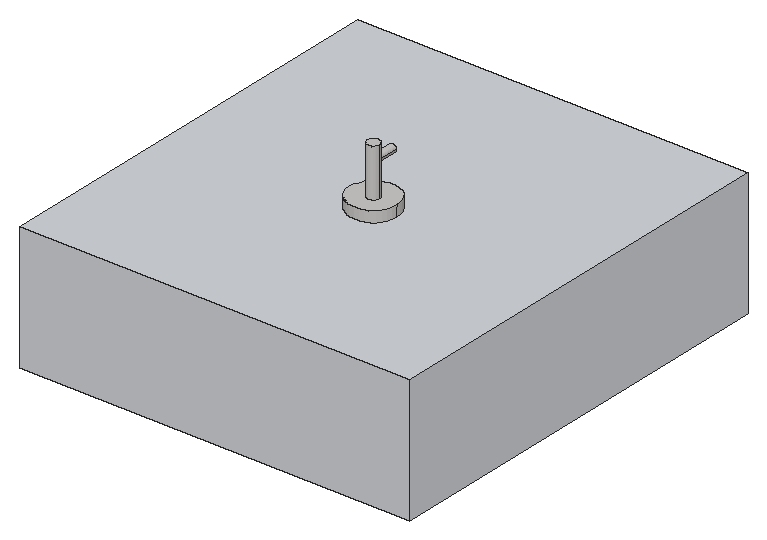
Revit family
Parameters (values of type "as Specified")
  Warranty Duration (Years) = 0
  Unit Width = 0' - 1 15/16"
  Unit Height = 0' - 1 15/16"
  Unit Depth = 0' - 2 3/8"
  URL = "http://www.americanspecialties.com/viewCategories.cfm"
  Mounting Height [instance] = 3' - 0"
  Fixture Material [instance] = Metal - Stainless Steel
  Test Data = ""
  Specification = "http://www.arcat.com/sdspecs/htm/10810asi.htm"
  SpecWizard = ""
  Send Message = "http://www.arcat.com/users.pl?action=UserEmail&company=American%20Specialties,%20Inc.&coid=30448&rep=139&fax=914-476-0688&mf="
  Sales Information = "http://www.americanspecialties.com/contact"
  Revision = "R1_2014-10"
  Product Properties = "http://www.americanspecialties.com/datasheets/7308.pdf"
  Product Data = "http://www.arcat.com/arcatcos/cos30/arc30448.html"
  Model = "7308"
  Manufacturer Website = "http://www.americanspecialties.com/viewCategories.cfm"
  Manufacturer Phone - Toll Free = ""
  Manufacturer Phone = "914-476-9000 "
  Manufacturer Fax = "914-476-0688"
  Manufacturer Address = "441 Saw Mill River Rd., Yonkers, NY 10701"
  Manufacturer = "American Specialties, Inc."
  Maintenance Schedule (Months) = 0
  Keynote = "10 28 13"
  Installation-Fabrication = "http://www.americanspecialties.com/products.cfm"
  Green Building-LEED = ""
  Expected Lifespan (Years) = 0
  Drawn By = "Sumex Design, Inc. / Robert S. Weygant. CSI, CDT, SCIP"
  Description = "ASI Single Robe Hook - Omara Collection 7308"
  Default Elevation = 0' - 0"
  Copyright = "©Arcat Inc."
  Construction Details = "http://www.arcat.com/green/clients/leed_data_30448.html"
  Building Codes = "http://www.americanspecialties.com/products.cfm"
  Assembly Code = "C1030210"
Reference planes (in)
  plane 1 "Floor Line": z = 0
  plane 2 "Center (Left/Right)": x = 14.06032
  plane 3: x = 13.09157
  plane 4: x = 15.02907
  plane 5 "FF": y = -56.93904
  plane 6: y = -20.93904
  plane 7: z = 1.75
  plane 8: z = 2.375
  plane 9 "x": y = -19.97029
Forms (in)
  Extrusion 1, solid
    sketch origin (-2.65843, -11.79112, -6) x (0, 0, -1) y (1, 0, 0)
      loop
        line (-0.85811, 24.60972) -> (-6, 24.60972) -> (-6, 8.71875) -> (-0.85811, 8.71875) -> (-0.85811, 24.60972)
    from -0.05345 to 17.14792
  Extrusion 2, solid, material "Metal - Stainless Steel" <- "Fixture Material"
    sketch origin (-8.03125, -0.125, 0) x (1, 0, 0) y (0, 1, 0)
      loop
        circle (22.09157, -20.81404) r 0.96875
    from 0 to 0.4375
  Extrusion 3, solid, material "Metal - Stainless Steel" <- "Fixture Material"
    sketch origin (-8.03125, -3.4375, 0) x (1, 0, 0) y (0, 1, 0)
      loop
        circle (22.09157, -17.50154) r 0.25
    from 0 to 2.375
  Extrusion 4, solid, material "Metal - Stainless Steel" <- "Fixture Material"
    sketch origin (0, -16.53279, 0) x (1, 0, 0) y (0, 0, 1)
      loop
        circle (14.06032, 1.75) r 0.15625
    from 3.4375 to 4.40625
Cuts and joins
  joined: Extrusion 2, Extrusion 3, Extrusion 4
Dimensions and locks (in)
  "Mounting Height": plane 5 "FF" to plane 6
  equal spacing: plane 3, plane 2 "Center (Left/Right)", plane 4
  plane 3 to plane 4 = 0' - 1 15/16"
  locked: plane 7 to level at 1.75
  plane 8 to level = 0' - 2 3/8"
  locked: plane 6 to Extrusion 3 sketch curve at 0
  locked: plane 6 to Extrusion 2 sketch curve at 0
  locked: plane 9 "x" to plane 6 at 0.96875
  locked: plane 7 to Extrusion 4 sketch curve at 0
  aligned: plane 7 to Extrusion 3
  aligned and locked: plane 8 to Extrusion 3
  aligned and locked: plane 6 to Extrusion 4
  aligned and locked: Extrusion 4 to plane 9 "x"
Automatic sketch dimensions
  Extrusion 1 sketch curve to Extrusion 1 sketch curve = 0' - 5.14189"
  Extrusion 1 sketch curve to Extrusion 1 sketch curve = 1' - 3.89097"
  plane 3 to Extrusion 2 sketch curve = 0' - 0 31/32"
  plane 3 to Extrusion 3 sketch curve = 0' - 0 31/32"
  Extrusion 4 sketch curve to plane 2 "Center (Left/Right)" = 0' - 0"
  radius of Extrusion 2 sketch curve = 0' - 0 31/32"
  radius of Extrusion 3 sketch curve = 0' - 0 1/4"
  radius of Extrusion 4 sketch curve = 0' - 0 5/32"
